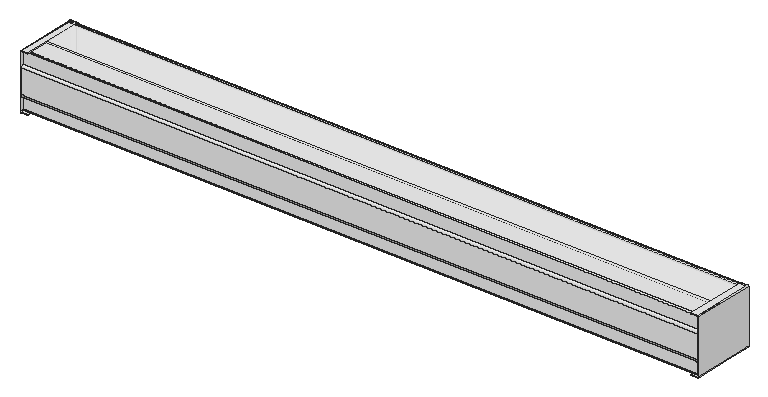
Revit family "LCAD", category Lighting Fixtures, host Wall, Revit 2019
Family settings
  Host = Wall
  Round Connector Dimension = Use Diameter
  Part Type = Normal
  OmniClass Number = 23.80.70.11.14
  OmniClass Title = General Luminaries, Directional
  Always vertical = Yes
  Cut with Voids When Loaded = No
  Light Source = Yes
  Shared = No
  Room Calculation Point = No
Parameters (values of type "LCAD48-LED840K037LUNV-P12")
  Wattage = 28 W
  built-in parameter 1150110 = 1 (stored number, unit not read)
  Voltage = 120 V
  URL = "https://www.viscor.com/en/products/lcad"
  built-in parameter 1114217 = 0.9 (stored number, unit not read)
  Tilt Angle = 180.00°
  built-in parameter 1150109 = 1 (stored number, unit not read)
  built-in parameter 1150134 = 12
  built-in parameter 1150113 = 1 (stored number, unit not read)
  Photometric Web File = "LCAD48-LED840K037LUNV-P12.ies"
  Model = "LCAD"  # constant formula
  Manufacturer = "VISIONEERING by VISCOR"  # constant formula
  Lumens = 3780 lm
  built-in parameter 1150115 = 1 (stored number, unit not read)
  built-in parameter 1150105 = 300.8 (stored number, unit not read)
  built-in parameter 1150137 = (empty or 0)
  built-in parameter 1150139 = (empty or 0)
  Lens Finish = Acrylic - Viscor - Frosted Prismatic P12
  Length = 4' - 0"
  Lamp Wattage = 28 VA
  built-in parameter 1150112 = 1 (stored number, unit not read)
  built-in parameter 1150114 = 1 (stored number, unit not read)
  Lamp = "LED"  # constant formula
  built-in parameter 1150132 = (empty or 0)
  built-in parameter 1150102 = (empty or 0)
  built-in parameter 1150138 = (empty or 0)
  built-in parameter 1150107 = 4000 (stored number, unit not read)
  built-in parameter 1150106 = 3.008 (stored number, unit not read)
  Housing Finish = Metal - Viscor - White
  Emit from Line Length = Length  # 4' - 0"
  built-in parameter 1150104 = 12.542 (stored number, unit not read)
  Dimming Lamp Color Temperature Shift = <None>
  Description = " LED Cadillac"  # constant formula
  Color Filter = 16777215
  built-in parameter 1114218 = 1 (stored number, unit not read)
  built-in parameter 1150133 = 10 (stored number, unit not read)
  Assembly Code = "D5020200"
  Apparent Load = Lamp Wattage  # 28 VA
Types (4): name | Wattage | Photometric Web File | Lumens | built-in parameter 1150105 | Length | Lamp Wattage | built-in parameter 1150106 | Emit from Line Length | built-in parameter 1150104 | Apparent Load
  (no name) | 28 W | "LCAD48-LED840K037LUNV-P12.ies" | 3780 lm | 300.8 (stored number, unit not read) | 4' - 0" | 28 VA | 3.008 (stored number, unit not read) | 4' - 0" | 12.542 (stored number, unit not read) | 28 VA
  LCAD24-LED840K020LUNV-P12 | 17 W | "LCAD24-LED840K020LUNV-P12.ies" | 2057 lm | 163.69 (stored number, unit not read) | 2' - 0" | 17 VA | 1.6369 (stored number, unit not read) | 2' - 0" | 11.241 (stored number, unit not read) | 17 VA
  LCAD48-LED840K037LUNV-P12 | 28 W | "LCAD48-LED840K037LUNV-P12.ies" | 3780 lm | 300.8 (stored number, unit not read) | 4' - 0" | 28 VA | 3.008 (stored number, unit not read) | 4' - 0" | 12.542 (stored number, unit not read) | 28 VA
  LCAD96-LED840K074LUNV-P12 | 54 W | "LCAD96-LED840K074LUNV-P12.ies" | 7560 lm | 601.61 (stored number, unit not read) | 8' - 0" | 54 VA | 6.0161 (stored number, unit not read) | 8' - 0" | 13.006 (stored number, unit not read) | 54 VA
Reference planes (in)
  plane 1: y = 0
  plane 2 "Light Source Axis (F/B)": y = 7.5
  plane 3 "Light Source Axis (L/R)": x = -1.43133
  plane 4 "Light Source Elevation": z = 77.42225
  plane 5: x = -25.43133
  plane 6: x = 22.56867
  plane 7: x = -25.40008
  plane 8: x = 22.53742
  plane 9: x = 22.50617
  plane 10: x = -25.36883
  plane 11: x = -24.89733
  plane 12: x = 22.03467
  plane 13: x = 21.22317
  plane 14: x = -24.08583
  plane 15: y = 3
  plane 16 "FixtureDepth": y = 7.404
Forms (in)
  Extrusion 1, solid, material "Metal - Viscor - White" <- "Housing Finish"
    sketch origin (-1.43133, 0, 0) x (0, -1, 0) y (0, 0, 1)
      loop
        line (-4.802, 79.32825) -> (-4.802, 79.297) -> (-3.219, 79.297)
        arc (-3.219, 79.297) -> (-3.19231, 79.28594) -> (-3.18125, 79.25925) r 0.03775
        line (-3.18125, 79.25925) -> (-3.18125, 75.58525)
        arc (-3.18125, 75.58525) -> (-3.19231, 75.55856) -> (-3.219, 75.5475) r 0.03775
        line (-3.219, 75.5475) -> (-4.802, 75.5475) -> (-4.802, 75.51625) -> (-3.219, 75.51625)
        arc (-3.219, 75.51625) -> (-3.17021, 75.53646) -> (-3.15, 75.58525) r 0.069
        line (-3.15, 75.58525) -> (-3.15, 76.39477)
        arc (-3.15, 76.39477) -> (-3.04252, 76.45606) -> (-3, 76.57225) r 0.18
        line (-3, 76.57225) -> (-3, 78.27225)
        arc (-3, 78.27225) -> (-3.04252, 78.38844) -> (-3.15, 78.44973) r 0.18
        line (-3.15, 78.44973) -> (-3.15, 79.25925)
        arc (-3.15, 79.25925) -> (-3.17021, 79.30804) -> (-3.219, 79.32825) r 0.069
        line (-3.219, 79.32825) -> (-4.802, 79.32825)
    from -23.96875 to 23.96875
  Extrusion 2, solid, material "Metal - Viscor - White" <- "Housing Finish"
    sketch origin (-1.43133, 0, 0) x (0, -1, 0) y (0, 0, 1)
      loop
        arc (-4.585, 75.68775) -> (-4.54116, 75.70591) -> (-4.523, 75.74975) r 0.062
        line (-4.523, 75.74975) -> (-4.523, 76.25075)
        arc (-4.523, 76.25075) -> (-4.54116, 76.29459) -> (-4.585, 76.31275) r 0.062
        line (-4.585, 76.31275) -> (-4.836, 76.31275)
        arc (-4.836, 76.31275) -> (-4.86358, 76.32417) -> (-4.875, 76.35175) r 0.039
        line (-4.875, 76.35175) -> (-4.875, 78.49275)
        arc (-4.875, 78.49275) -> (-4.86358, 78.52033) -> (-4.836, 78.53175) r 0.039
        line (-4.836, 78.53175) -> (-4.585, 78.53175)
        arc (-4.585, 78.53175) -> (-4.54116, 78.54991) -> (-4.523, 78.59375) r 0.062
        line (-4.523, 78.59375) -> (-4.523, 79.09475)
        arc (-4.523, 79.09475) -> (-4.54116, 79.13859) -> (-4.585, 79.15675) r 0.062
        line (-4.585, 79.15675) -> (-4.773, 79.15675) -> (-4.773, 79.1255) -> (-4.585, 79.1255)
        arc (-4.585, 79.1255) -> (-4.56326, 79.11649) -> (-4.55425, 79.09475) r 0.03075
        line (-4.55425, 79.09475) -> (-4.55425, 78.59375)
        arc (-4.55425, 78.59375) -> (-4.56326, 78.57201) -> (-4.585, 78.563) r 0.03075
        line (-4.585, 78.563) -> (-4.836, 78.563)
        arc (-4.836, 78.563) -> (-4.88567, 78.54242) -> (-4.90625, 78.49275) r 0.07025
        line (-4.90625, 78.49275) -> (-4.90625, 76.35175)
        arc (-4.90625, 76.35175) -> (-4.88567, 76.30208) -> (-4.836, 76.2815) r 0.07025
        line (-4.836, 76.2815) -> (-4.585, 76.2815)
        arc (-4.585, 76.2815) -> (-4.56326, 76.27249) -> (-4.55425, 76.25075) r 0.03075
        line (-4.55425, 76.25075) -> (-4.55425, 75.74975)
        arc (-4.55425, 75.74975) -> (-4.56326, 75.72801) -> (-4.585, 75.719) r 0.03075
        line (-4.585, 75.719) -> (-4.773, 75.719) -> (-4.773, 75.68775) -> (-4.585, 75.68775)
    from -23.96875 to 23.96875
  Extrusion 3, solid, material "Metal - Viscor - White" <- "Housing Finish"
    sketch origin (0, 7.5, 0) x (1, 0, 0) y (0, 0, 1)
      loop
        line (22.49967, 79.38725) -> (22.03517, 79.38725) -> (22.03517, 79.356) -> (22.49967, 79.356)
        arc (22.49967, 79.356) -> (22.52637, 79.34494) -> (22.53742, 79.31825) r 0.03775
        line (22.53742, 79.31825) -> (22.53742, 75.52625)
        arc (22.53742, 75.52625) -> (22.52637, 75.49956) -> (22.49967, 75.4885) r 0.03775
        line (22.49967, 75.4885) -> (22.03517, 75.4885) -> (22.03517, 75.45725) -> (22.49967, 75.45725)
        arc (22.49967, 75.45725) -> (22.54847, 75.47746) -> (22.56867, 75.52625) r 0.069
        line (22.56867, 75.52625) -> (22.56867, 79.31825)
        arc (22.56867, 79.31825) -> (22.54847, 79.36704) -> (22.49967, 79.38725) r 0.069
    from 0.096 to 4.5
  Extrusion 4, solid, material "Metal - Viscor - White" <- "Housing Finish"
    sketch origin (0, 7.5, 0) x (1, 0, 0) y (0, 0, 1)
      loop
        line (22.49967, 79.356) -> (22.03517, 79.356) -> (22.03517, 75.4885) -> (22.49967, 75.4885)
        arc (22.49967, 75.4885) -> (22.52637, 75.49956) -> (22.53742, 75.52625) r 0.03775
        line (22.53742, 75.52625) -> (22.53742, 79.31825)
        arc (22.53742, 79.31825) -> (22.52637, 79.34494) -> (22.49967, 79.356) r 0.03775
    from 0.096 to 0.12725
  Extrusion 5, solid, material "Metal - Viscor - White" <- "Housing Finish"
    sketch origin (-2.86265, 7.5, 0) x (-1, 0, 0) y (0, 0, -1)
      loop
        arc (22.49967, -79.38725) -> (22.54847, -79.36704) -> (22.56867, -79.31825) r 0.069
        line (22.56867, -79.31825) -> (22.56867, -75.52625)
        arc (22.56867, -75.52625) -> (22.54847, -75.47746) -> (22.49967, -75.45725) r 0.069
        line (22.49967, -75.45725) -> (22.03517, -75.45725) -> (22.03517, -75.4885) -> (22.49967, -75.4885)
        arc (22.49967, -75.4885) -> (22.52637, -75.49956) -> (22.53742, -75.52625) r 0.03775
        line (22.53742, -75.52625) -> (22.53742, -79.31825)
        arc (22.53742, -79.31825) -> (22.52637, -79.34494) -> (22.49967, -79.356) r 0.03775
        line (22.49967, -79.356) -> (22.03517, -79.356) -> (22.03517, -79.38725) -> (22.49967, -79.38725)
    from 0.096 to 4.5
  Extrusion 6, solid, material "Metal - Viscor - White" <- "Housing Finish"
    sketch origin (-2.86265, 7.5, 0) x (-1, 0, 0) y (0, 0, -1)
      loop
        arc (22.49967, -79.356) -> (22.52637, -79.34494) -> (22.53742, -79.31825) r 0.03775
        line (22.53742, -79.31825) -> (22.53742, -75.52625)
        arc (22.53742, -75.52625) -> (22.52637, -75.49956) -> (22.49967, -75.4885) r 0.03775
        line (22.49967, -75.4885) -> (22.03517, -75.4885) -> (22.03517, -79.356) -> (22.49967, -79.356)
    from 0.096 to 0.12725
  Extrusion 7, solid, material "Metal - Viscor - White" <- "Housing Finish"
    sketch origin (-1.43133, 0, 0) x (0, -1, 0) y (0, 0, 1)
      loop
        line (-4.523, 75.56725) -> (-3.28, 75.56725) -> (-3.28, 75.5985) -> (-4.49175, 75.5985) -> (-4.49175, 79.246) -> (-3.28, 79.246) -> (-3.28, 79.27725) -> (-4.523, 79.27725) -> (-4.523, 75.56725)
    from -23.9375 to 23.9375
  Extrusion 8, solid, material "Acrylic - Viscor - Frosted Prismatic P12" <- "Lens Finish"
    sketch origin (-1.43133, 0, 0) x (0, -1, 0) y (0, 0, 1)
      loop
        line (-7.253, 75.51625) -> (-4.592, 75.51625) -> (-4.592, 75.61125) -> (-7.253, 75.61125)
        arc (-7.253, 75.61125) -> (-7.30391, 75.63234) -> (-7.325, 75.68325) r 0.072
        line (-7.325, 75.68325) -> (-7.325, 79.16125)
        arc (-7.325, 79.16125) -> (-7.30391, 79.21216) -> (-7.253, 79.23325) r 0.072
        line (-7.253, 79.23325) -> (-4.592, 79.23325) -> (-4.592, 79.32825) -> (-7.253, 79.32825)
        arc (-7.253, 79.32825) -> (-7.37109, 79.27934) -> (-7.42, 79.16125) r 0.167
        line (-7.42, 79.16125) -> (-7.42, 75.68325)
        arc (-7.42, 75.68325) -> (-7.37109, 75.56516) -> (-7.253, 75.51625) r 0.167
    from -23.96875 to 23.96875
  Extrusion 9, solid, material "Metal - Viscor - White" <- "Housing Finish"
    sketch origin (-1.43133, 0, 0) x (0, -1, 0) y (0, 0, 1)
      loop
        line (-7.381, 75.49725) -> (-7.1635, 75.49725) -> (-7.1635, 75.5285) -> (-7.381, 75.5285)
        arc (-7.381, 75.5285) -> (-7.40274, 75.53751) -> (-7.41175, 75.55925) r 0.03075
        line (-7.41175, 75.55925) -> (-7.41175, 79.28525)
        arc (-7.41175, 79.28525) -> (-7.40274, 79.30699) -> (-7.381, 79.316) r 0.03075
        line (-7.381, 79.316) -> (-7.1635, 79.316) -> (-7.1635, 79.34725) -> (-7.381, 79.34725)
        arc (-7.381, 79.34725) -> (-7.42484, 79.32909) -> (-7.443, 79.28525) r 0.062
        line (-7.443, 79.28525) -> (-7.443, 75.55925)
        arc (-7.443, 75.55925) -> (-7.42484, 75.51541) -> (-7.381, 75.49725) r 0.062
    from -23.96875 to 23.96875
Text (in)
  text "Placement Side" at (0, 40.15149, 123.01588), in view "Right"
  text "Placement Side" at (-85.66089, 49.38177, 0), in view "Ref. Level"
  text "Placement Side" at (0, 85.69064, 140.59947), in view "Left"
Dimensions and locks (in)
  equal spacing: plane 5, plane 3 "Light Source Axis (L/R)", plane 6
  "Length": plane 5 to plane 6
  plane 5 to plane 7 to plane 3 "Light Source Axis (L/R)" = 0' - 0 1/32" locked, 1' - 11 31/32"
  locked: plane 8 to plane 6 at 0.03125
  locked: plane 5 to plane 11 at 0.534
  locked: plane 12 to plane 6 at 0.534
  plane 8 to plane 9 to plane 13 = 0' - 0 1/32" locked, 0' - 1.283" locked
  plane 14 to plane 10 to plane 7 = 0' - 1.283" locked, 0' - 0 1/32" locked
  plane 1 to plane 15 to plane 2 "Light Source Axis (F/B)" = 0' - 3", 0' - 4 1/2"
  aligned: level to host wall
  aligned and locked: plane 3 "Light Source Axis (L/R)" to imposter light
  aligned and locked: plane 2 "Light Source Axis (F/B)" to imposter light
  aligned and locked: plane 4 "Light Source Elevation" to imposter light
  aligned and locked: plane 8 to Extrusion 1
  aligned and locked: Extrusion 1 to plane 7
  aligned and locked: plane 8 to Extrusion 2
  aligned and locked: Extrusion 2 to plane 7
  aligned and locked: Extrusion 3 to plane 15
  aligned and locked: Extrusion 3 to plane 16 "FixtureDepth"
  aligned and locked: Extrusion 4 to import instance
  aligned and locked: Extrusion 3 to Extrusion 4
  aligned and locked: Extrusion 7 to plane 9
  aligned and locked: plane 10 to Extrusion 7
  aligned and locked: plane 8 to Extrusion 8
  aligned and locked: Extrusion 8 to plane 7
  aligned and locked: Extrusion 9 to plane 7
  aligned and locked: plane 8 to Extrusion 9
Automatic sketch dimensions
  Extrusion 1 sketch curve to Extrusion 1 sketch curve = 0' - 0"  (x4)
  Extrusion 1 sketch curve to host wall = 0' - 0"
  host wall to Extrusion 1 sketch curve = 0' - 0.15"  (x2)
  Extrusion 1 sketch curve to Extrusion 1 sketch curve = 0' - 0.03"
  host wall to Extrusion 1 sketch curve = 0' - 0.18"
  Extrusion 1 sketch curve to Extrusion 1 sketch curve = 0' - 0 1/32"
  Extrusion 1 sketch curve to Extrusion 1 sketch curve = 0' - 0.03775"  (x2)
  Extrusion 1 sketch curve to Extrusion 1 sketch curve = 0' - 1.583"  (x2)
  plane 4 "Light Source Elevation" to Extrusion 1 sketch curve = 0' - 1.906"
  Extrusion 1 sketch curve to Extrusion 1 sketch curve = 0' - 0.80952"  (x2)
  Extrusion 1 sketch curve to plane 4 "Light Source Elevation" = 0' - 0.85"
  Extrusion 2 sketch curve to Extrusion 2 sketch curve = 0' - 0"  (x12)
  host wall to Extrusion 2 sketch curve = 0' - 1 29/32"
  Extrusion 2 sketch curve to Extrusion 2 sketch curve = 0' - 0 1/32"
  Extrusion 2 sketch curve to Extrusion 2 sketch curve = 0' - 0.039"  (x2)
  Extrusion 2 sketch curve to Extrusion 2 sketch curve = 0' - 0.063"  (x2)
  Extrusion 2 sketch curve to Extrusion 2 sketch curve = 0' - 0.188"  (x2)
  Extrusion 2 sketch curve to Extrusion 2 sketch curve = 0' - 0.251"  (x2)
  Extrusion 2 sketch curve to Extrusion 2 sketch curve = 0' - 0.03075"  (x2)
  plane 4 "Light Source Elevation" to Extrusion 2 sketch curve = 0' - 1.7345"
  Extrusion 2 sketch curve to Extrusion 2 sketch curve = 0' - 0.501"  (x2)
  Extrusion 2 sketch curve to plane 4 "Light Source Elevation" = 0' - 1.0705"
  Extrusion 3 sketch curve to Extrusion 3 sketch curve = 0' - 0"  (x4)
  Extrusion 3 sketch curve to plane 8 = 0' - 0"
  Extrusion 3 sketch curve to plane 6 = 0' - 0"
  plane 9 to Extrusion 3 sketch curve = 0' - 0.0065"  (x2)
  plane 12 to Extrusion 3 sketch curve = 0' - 0.0005"  (x2)
  plane 4 "Light Source Elevation" to Extrusion 3 sketch curve = 0' - 1.965"
  Extrusion 3 sketch curve to plane 4 "Light Source Elevation" = 0' - 1.896"
  Extrusion 4 sketch curve to plane 8 = 0' - 0"
  plane 9 to Extrusion 4 sketch curve = 0' - 0.0065"  (x2)
  plane 12 to Extrusion 4 sketch curve = 0' - 0.0005"
  plane 4 "Light Source Elevation" to Extrusion 4 sketch curve = 0' - 1.93375"
  Extrusion 4 sketch curve to plane 4 "Light Source Elevation" = 0' - 1.896"
  Extrusion 5 sketch curve to Extrusion 5 sketch curve = 0' - 0"  (x4)
  Extrusion 5 sketch curve to plane 7 = 0' - 0"
  Extrusion 5 sketch curve to plane 5 = 0' - 0"
  plane 10 to Extrusion 5 sketch curve = 0' - 0.0065"  (x2)
  plane 11 to Extrusion 5 sketch curve = 0' - 0.0005"  (x2)
  Extrusion 5 sketch curve to plane 4 "Light Source Elevation" = 0' - 1.965"
  plane 4 "Light Source Elevation" to Extrusion 5 sketch curve = 0' - 1.896"
  Extrusion 6 sketch curve to plane 7 = 0' - 0"
  plane 10 to Extrusion 6 sketch curve = 0' - 0.0065"  (x2)
  plane 11 to Extrusion 6 sketch curve = 0' - 0.0005"
  Extrusion 6 sketch curve to plane 4 "Light Source Elevation" = 0' - 1.93375"
  plane 4 "Light Source Elevation" to Extrusion 6 sketch curve = 0' - 1.896"
  host wall to Extrusion 7 sketch curve = 0' - 1.523"
  Extrusion 7 sketch curve to Extrusion 7 sketch curve = 0' - 0 1/32"  (x3)
  host wall to Extrusion 7 sketch curve = 0' - 0.28"  (x2)
  plane 4 "Light Source Elevation" to Extrusion 7 sketch curve = 0' - 1.855"
  Extrusion 7 sketch curve to plane 4 "Light Source Elevation" = 0' - 1.82375"
  host wall to Extrusion 8 sketch curve = 0' - 1.592"  (x2)
  plane 4 "Light Source Elevation" to Extrusion 8 sketch curve = 0' - 1.906"
  plane 16 "FixtureDepth" to Extrusion 8 sketch curve = 0' - 0.151"
  Extrusion 8 sketch curve to Extrusion 8 sketch curve = 0' - 0.095"
  Extrusion 8 sketch curve to Extrusion 8 sketch curve = 0' - 0"  (x4)
  Extrusion 8 sketch curve to Extrusion 8 sketch curve = 0' - 0.072"  (x2)
  Extrusion 8 sketch curve to plane 4 "Light Source Elevation" = 0' - 1.739"
  Extrusion 9 sketch curve to Extrusion 9 sketch curve = 0' - 0"  (x4)
  Extrusion 9 sketch curve to plane 16 "FixtureDepth" = 0' - 0.039"
  Extrusion 9 sketch curve to plane 16 "FixtureDepth" = 0' - 0.00775"
  plane 16 "FixtureDepth" to Extrusion 9 sketch curve = 0' - 0.023"  (x2)
  Extrusion 9 sketch curve to Extrusion 9 sketch curve = 0' - 0.2175"  (x2)
  plane 4 "Light Source Elevation" to Extrusion 9 sketch curve = 0' - 1.925"
  Extrusion 9 sketch curve to plane 4 "Light Source Elevation" = 0' - 1.863"
Connectors (in)
  electrical at (-1.43133, 7.5, 77.42225), driven by "Voltage", driven by "Lamp Wattage"
    settings: on imposter light, index 1, voltage 120 V, apparent load 0 VA, apparent load phase1 28 VA, apparent load phase2 0 VA, apparent load phase3 0 VA, power factor 1, load classification "Other", number of poles 1, system type 31, power factor state 1, is connector primary yes, connector utility no, sub classification motor no, connector description ""
